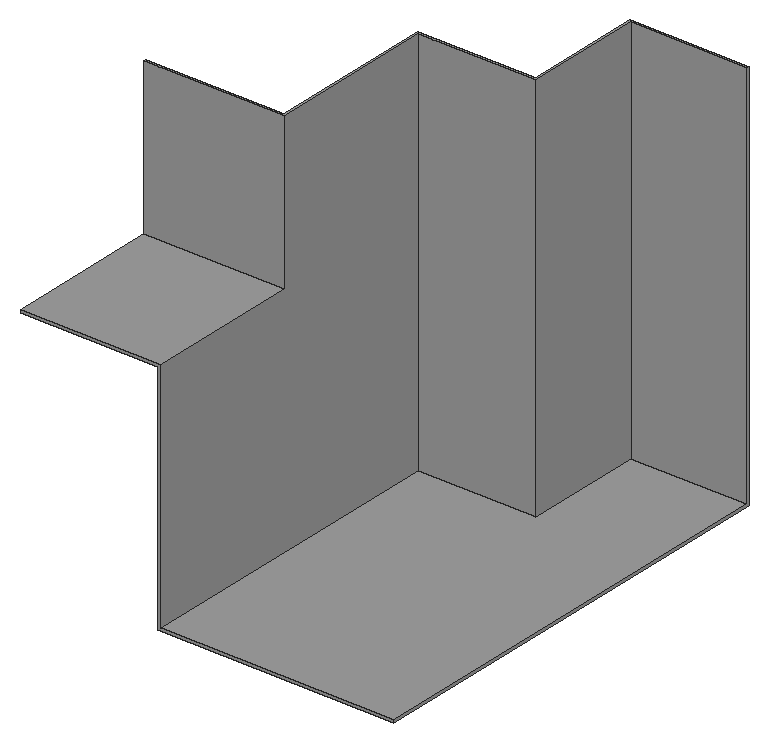
Revit family "Flashing_Preformed_Hyload_WindowSeal", category Generic Models, Revit 2015
Parameters (values of type "As Specified")
  Upper Height = 0' - 4"
  Unit Width = 1' - 0"
  Unit Height = 0' - 4"
  Unit Depth = 0' - 6"
  URL = "http://www.hyload.com/"
  Thickness = 0' - 0 1/16"
  Specification = "http://www.arcat.com/sdspecs/htm04/07_65_00hyl.htm"
  Sales Information = "http://www.hyload.com/contact-us"
  Revision = "R1_12-2015"
  Product Properties = "http://www.hyload.com/masonry-flashing/preformed-shapes/"
  Product Data = "http://www.arcat.com/arcatcos/cos33/arc33176.html"
  Model = "Window Seal"
  Manufacturer Website = "http://www.hyload.com/"
  Manufacturer Phone - Toll Free = "800-457-4056"
  Manufacturer Phone = "330-769-3546"
  Manufacturer Fax = "330-769-4153"
  Manufacturer Address = "5020 Panther Pkwy., Seville, OH 44273"
  Manufacturer = "Hyload"
  Lower Height = 0' - 6"
  Keynote = "07 65 00"
  Flashing Material = Hyload Flashing Membrane - Grey
  Drawn By = "Robert S. Weygant / Sumex Design"
  Description = "Preformed Hyload Masonry Flashing - Window Seal"
  Copyright = "(c) ARCAT, Inc, 2015"
  Construction Details = "http://www.arcat.com/details/hyload/hyload.html?coid=33176"
  Assembly Code = "B3010400"
Reference planes (in)
  plane 1 "Center (Front/Back)": y = 0
  plane 2: z = 0
  plane 3 "Center (Left/Right)": x = 0
  plane 4: y = 7.25
  plane 5: x = 6
  plane 6 "WinPlane": z = 6
  plane 7: x = 22
  plane 8: y = -4
  plane 9: x = 3
  plane 10: y = 4.25
  plane 11: z = 10
  plane 12: x = -3.5
Forms (in)
  Extrusion 1, solid, material "Hyload Flashing Membrane - Grey" <- "Flashing Material"
    sketch origin (0, 0, 0) x (1, 0, 0) y (0, 1, 0)
      loop
        line (6, 7.25) -> (3, 7.25) -> (3, 4.25) -> (0, 4.25) -> (0, -4) -> (6, -4) -> (6, 7.25)
    from 0 to 0.0625 <- "Thickness"
  Extrusion 2, solid, material "Hyload Flashing Membrane - Grey" <- "Flashing Material"
    sketch origin (0, 0, 0) x (1, 0, 0) y (0, 1, 0)
      loop
        line (6, 7.25) -> (3, 7.25) -> (3, 4.25) -> (0, 4.25) -> (0, -4) -> (0.0625, -4) -> (0.0625, 4.1875) -> (3.0625, 4.1875) -> (3.0625, 7.1875) -> (6, 7.1875) -> (6, 7.25)
    from 0 to 6
  Extrusion 3, solid, material "Hyload Flashing Membrane - Grey" <- "Flashing Material"
    sketch origin (0, 0, 6) x (-1, 0, 0) y (0, -1, 0)
      loop
        line (3.5, 0) -> (3.5, 4) -> (-0.0625, 4) -> (-0.0625, 0) -> (3.5, 0)
    from 0 to 0.0625 <- "Thickness"
  Extrusion 4, solid, material "Hyload Flashing Membrane - Grey" <- "Flashing Material"
    sketch origin (0, 0, 6) x (-1, 0, 0) y (0, -1, 0)
      loop
        line (-6, -7.25) -> (-3, -7.25) -> (-3, -4.25) -> (0, -4.25) -> (0, 0) -> (3.5, 0) -> (3.5, 0.0625) -> (-0.0625, 0.0625) -> (-0.0625, -4.1875) -> (-3.0625, -4.1875) -> (-3.0625, -7.1875) -> (-6, -7.1875) -> (-6, -7.25)
    from 0 to 4 <- "Upper Height"
Cuts and joins
  joined: Extrusion 1, Extrusion 2, Extrusion 3, Extrusion 4
Dimensions and locks (in)
  "Lower Height": plane 6 "WinPlane" to level
  locked: plane 4 to plane 8 at 11.25
  plane 8 to plane 1 "Center (Front/Back)" = 0' - 4"
  plane 1 "Center (Front/Back)" to plane 10 = 0' - 4 1/4"
  locked: plane 3 "Center (Left/Right)" to plane 9 at 3
  "Thickness": plane 3 "Center (Left/Right)" to Extrusion 2 sketch curve
  "Thickness": plane 10 to Extrusion 2 sketch curve
  "Thickness": plane 9 to Extrusion 2 sketch curve
  "Thickness": plane 4 to Extrusion 2 sketch curve
  "Upper Height": plane 11 to plane 6 "WinPlane"
  plane 12 to plane 3 "Center (Left/Right)" = 0' - 3 1/2"
  "Thickness": Extrusion 4 sketch curve to plane 1 "Center (Front/Back)"
  "Thickness": plane 3 "Center (Left/Right)" to Extrusion 4 sketch curve
  "Thickness": plane 10 to Extrusion 4 sketch curve
  "Thickness": plane 9 to Extrusion 4 sketch curve
  "Thickness": plane 4 to Extrusion 4 sketch curve
  aligned and locked: plane 2 to level
  aligned and locked: plane 4 to Extrusion 1 sketch curve
  aligned and locked: plane 9 to Extrusion 1 sketch curve
  aligned and locked: Extrusion 1 sketch curve to plane 8
  aligned and locked: Extrusion 1 sketch curve to plane 3 "Center (Left/Right)"
  aligned and locked: plane 10 to Extrusion 1 sketch curve
  aligned and locked: Extrusion 2 sketch curve to plane 3 "Center (Left/Right)"
  aligned and locked: plane 10 to Extrusion 2 sketch curve
  aligned and locked: plane 9 to Extrusion 2 sketch curve
  aligned and locked: plane 4 to Extrusion 2 sketch curve
  aligned and locked: plane 5 to Extrusion 2 sketch curve
  aligned and locked: Extrusion 2 sketch curve to plane 8
  aligned and locked: plane 6 "WinPlane" to Extrusion 2
  aligned and locked: plane 1 "Center (Front/Back)" to Extrusion 3 sketch curve
  aligned and locked: plane 12 to Extrusion 3 sketch curve
  aligned and locked: Extrusion 3 sketch curve to Extrusion 1
  aligned and locked: plane 5 to Extrusion 4 sketch curve
  aligned and locked: plane 4 to Extrusion 4 sketch curve
  aligned and locked: plane 9 to Extrusion 4 sketch curve
  aligned and locked: plane 10 to Extrusion 4 sketch curve
  aligned and locked: Extrusion 4 sketch curve to plane 3 "Center (Left/Right)"
  aligned and locked: Extrusion 4 sketch curve to plane 1 "Center (Front/Back)"
  aligned and locked: Extrusion 4 sketch curve to plane 12
  aligned and locked: Extrusion 3 sketch curve to Extrusion 2
Automatic sketch dimensions
  Extrusion 1 sketch curve to plane 5 = 0' - 0"
